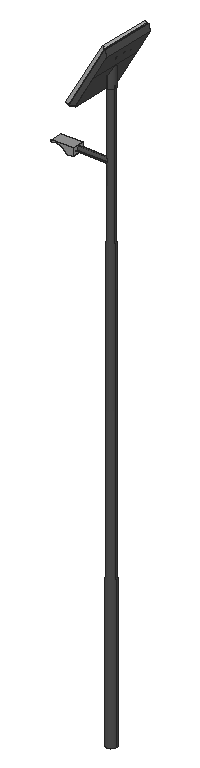
Revit family "Farola Solar Olintu L negra", category Luminarias, Revit 2021
Family settings
  Cota de conector redondo = Diámetro de uso
  Tipo de pieza = Normal
  Se basa en plano de trabajo = No
  Siempre vertical = Sí
  Corte con vacíos al cargar = No
  Origen de luz = No
  Compartido = Sí
  Punto de cálculo de habitación = No
Parameters
  URL producto = "https://ekiona.com/farolas-solares/serie-olintu/"
  URL = "https://www.ekiona.com/"
  Teléfono de contacto = "(+34) 943 30 80 51"
  Keynote = ""
  Modelo = "Modelo Olintu"
  Marcado CE = "SÍ"
  Gama de acabados = "Galvanizado, Fibra de vidrio, Aluminio"
  Garantía = "5 años"
  Gama de colores = "Blanco, Negro, Gris, Verde bosque, Acero galvanizado"
  Fabricante = "Ekiona"
  Elevación por defecto = 2000 mm
  E-mail de contacto = "info@ekiona.com"
  Distancia inserto-columa = Altura columna extremos - 150 mm  # 7850 mm
  Distancia brazo-final de columna = Altura columna extremos - 1000 mm  # 7000 mm
  Dirección = "Parque Tecnológico Miramón - Paseo Mikeletegi 56 - 20009 Donostia/San Sebastián"
  Descripción de la empresa = "Diseñamos, desarrollamos, fabricamos y comercializamos farolas solares que se adaptan a cualquier necesidad."
  Descripción = "Farola solar que combina diseño y eficencia"
  Clase eficiencia energética = "A++"
  Altura columna planos = Altura columna extremos  # 8000 mm
  Altura columna extremos = 8000 mm
Reference planes
  plane 1 "Center (Front/Back)": y = 0
  plane 2: z = 0
  plane 3 "Center (Left/Right)": x = 0
  plane 4: z = 8000
  plane 5: z = 7850
  plane 6: z = 7000
Dimensions and locks
  "Altura columna planos": level to plane 4
  "Altura columna extremos": nested 1 to plane 4
  "Distancia inserto-columa": level to plane 5
  "Distancia brazo-final de columna": level to plane 6
  aligned and locked: level to plane 2
  aligned and locked: plane 4 to nested 1
  aligned and locked: plane 5 to nested 2
  aligned and locked: plane 6 to nested 3
Nested families
  nested 1: "Columna Olintu L negra" at (0, 0, 0), type "Columna 8m"
  nested 2: "Tolva Olintu L negra" at (-30.017, 337.873, 6260.512), type "Tolva Olintu M"
  nested 3: "Luminaria Olintu L negra" at (0, 0, 6955), type "Luminaria 20W"
Definition of nested family "Columna Olintu L negra"
  Parameters (values of type "Columna 10m")
    Øsuperior = 88 mm
    Øinferior = 150 mm
    Material columna = none
    Default Elevation = 0 mm
    Altura columna [instance] = 10000 mm
  Types (3, lengths in mm): name | Øinferior | Altura columna
    Columna 9m | 145 | 9000
    Columna 8m | 140 | 8000
    Columna 10m | 150 | 10000
  Reference planes
    plane 1 "Center (Front/Back)": y = 0
    plane 2: z = 0
    plane 3 "Center (Left/Right)": x = 0
    plane 4: z = 10000
  Forms (mm)
    Blend 1, solid, material <- "Material columna"
      base sketch origin (0, 0, 0) x (1, 0, 0) y (0, 1, 0)
        loop
          circle (0, 0) r 75
      top sketch origin (0, 0, 0) x (1, 0, 0) y (0, 1, 0)
        loop
          circle (0, 0) r 44
      from 0 to 10000
  Dimensions and locks
    "Altura columna": plane 4 to level
    "Øinferior": diameter of Blend 1 sketch curve
    "Øsuperior": diameter of Blend 1 sketch curve
    aligned and locked: level to plane 2
    aligned and locked: plane 4 to Blend 1
  Automatic sketch dimensions
    plane 1 "Center (Front/Back)" to Blend 1 sketch curve = 0 mm  (x2)
    Blend 1 sketch curve to plane 3 "Center (Left/Right)" = 0 mm  (x2)
Definition of nested family "Tolva Olintu L negra"
  Parameters (values of type "Tolva Olintu M")
    Model = "Tolva Olintu"
    Material tapa = none
    Material inserto = none
    Material estructura base = none
    Material embellecedor = none
    Manufacturer = "Ekiona"
    Default Elevation = 0 mm
    Ancho panel = 545 mm
  Reference planes
    plane 1 "Center (Front/Back)": y = 0
    plane 2: z = 0
    plane 3 "Center (Left/Right)": x = 0
    plane 4 "Plano 1": through (314.197, -25, 2122.882) normal (-0.5, 0, 0.866)
    plane 5 "paralelo a vista izq": y = -337.5
    plane 6 "Plano 1": through (259.959, -25, 3493.187) normal (-0.5, 0, 0.866)
    plane 7: through (172.752, 0, 2142.023) normal (-0.866, 0, 0.5)
  Forms (mm)
    Extrusion 1, solid, material <- "Material estructura base"
      sketch origin (128.943, 0, 6.927) x (1, 0, 0) y (0, 0, 1)
        loop
          line (102.452, 2266.839) -> (-376.662, 1436.99) -> (-311.636, 1399.447) -> (167.478, 2229.297) -> (102.452, 2266.839)
      from 0 to 704.8
    Extrusion 2, void
      sketch origin (28.039, 0, -172.323) x (1, 0, 0) y (0, 0, 1)
        loop
          line (221.073, 2440.009) -> (236.391, 2353.137) -> (284.006, 2435.609) -> (221.073, 2440.009)
      from 0 to 704.8
    Extrusion 3, void
      sketch origin (59.33, 0, -118.226) x (1, 0, 0) y (0, 0, 1)
        loop
          line (-212.839, 1570.569) -> (-289.787, 1549.95) -> (-300.47, 1528.787) -> (-231.188, 1488.787) -> (-191.188, 1558.069) -> (-212.839, 1570.569)
      from 0 to 769.834
    Extrusion 4, solid, material <- "Material tapa"
      sketch origin (-59.014, 0, -318.454) x (1, 0, 0) y (0, 0, 1)
        loop
          line (290.483, 2592.177) -> (309.316, 2581.303) -> (323.733, 2499.539) -> (152.052, 2202.179) -> (153.752, 2201.197) -> (325.531, 2498.727) -> (310.698, 2582.853) -> (291.499, 2593.937) -> (290.483, 2592.177)
      from 0 to 704.8
    Extrusion 5, solid, material <- "Material embellecedor"
      sketch origin (128.918, 0, 7.059) x (1, 0, 0) y (0, 0, 1)
        loop
          line (-35.978, 1876.723) -> (-285.554, 1444.445) -> (-356.741, 1425.371) -> (-376.562, 1436.815) -> (-377.509, 1435.176) -> (-356.946, 1423.304) -> (-284.094, 1442.825) -> (-34.182, 1875.686) -> (-35.978, 1876.723)
      from 0 to 704.8
    Extrusion 6, void
      sketch origin (-959.244, -34.1, 22.516) x (0, 1, 0) y (0.5, 0, 0.866025)
        loop
          line (-463.861, 2321.81) -> (-416.148, 2321.81)
          arc (-416.148, 2321.81) -> (-419.48, 2339.286) -> (-430.409, 2353.323) r 37.954
          arc (-430.409, 2353.323) -> (-445.409, 2358.568) -> (-460.409, 2353.323) r 24.073
          arc (-460.409, 2353.323) -> (-471.433, 2339.075) -> (-474.645, 2321.349) r 37.954
          arc (-474.645, 2321.349) -> (-473.167, 2312.913) -> (-469.836, 2305.024) r 37.954
          arc (-469.836, 2305.024) -> (-441.562, 2289.96) -> (-416.017, 2309.293) r 29.744
          line (-416.017, 2309.293) -> (-423.962, 2312.74)
          arc (-423.962, 2312.74) -> (-442.617, 2300.75) -> (-461.255, 2312.766) r 20.484
          arc (-461.255, 2312.766) -> (-462.888, 2317.193) -> (-463.861, 2321.81) r 32.425
        loop
          line (-462.861, 2331.038) -> (-427.861, 2331.038)
          arc (-427.861, 2331.038) -> (-445.361, 2348.538) -> (-462.861, 2331.038) r 17.5
        loop
          line (-407.152, 2354.99) -> (-407.152, 2299.99)
          arc (-407.152, 2299.99) -> (-401.908, 2294.747) -> (-396.665, 2299.99) r 5.244
          line (-396.665, 2299.99) -> (-396.665, 2315.008) -> (-387.196, 2324.476) -> (-367.121, 2295.806)
          arc (-367.121, 2295.806) -> (-360.158, 2294.578) -> (-358.93, 2301.542) r 5
          line (-358.93, 2301.542) -> (-380.016, 2331.656) -> (-362.339, 2349.334)
          arc (-362.339, 2349.334) -> (-362.339, 2357.323) -> (-370.328, 2357.323) r 5.649
          line (-370.328, 2357.323) -> (-396.665, 2330.986) -> (-396.665, 2354.99)
          arc (-396.665, 2354.99) -> (-401.908, 2360.234) -> (-407.152, 2354.99) r 5.244
        loop
          line (-345.695, 2330.348) -> (-345.695, 2298.296)
          arc (-345.695, 2298.296) -> (-340.695, 2293.296) -> (-335.695, 2298.296) r 5
          line (-335.695, 2298.296) -> (-335.695, 2330.348)
          arc (-335.695, 2330.348) -> (-340.695, 2335.348) -> (-345.695, 2330.348) r 5
        loop
          arc (-313.958, 2351.943) -> (-322.635, 2348.932) -> (-329.497, 2355.038) r 9.076
          arc (-329.497, 2355.038) -> (-336.449, 2361.579) -> (-345.695, 2359.211) r 9.903
          arc (-345.695, 2359.211) -> (-348.682, 2355.086) -> (-349.922, 2350.147) r 13.45
          arc (-349.922, 2350.147) -> (-346.706, 2343.243) -> (-339.177, 2342.089) r 8.071
          arc (-339.177, 2342.089) -> (-335.695, 2342.685) -> (-332.214, 2342.089) r 10.463
          arc (-332.214, 2342.089) -> (-327.031, 2338.208) -> (-325.061, 2332.04) r 10.635
          arc (-325.061, 2332.04) -> (-262.525, 2310.202) -> (-313.958, 2351.943) r 33.621
        loop
          line (-250.357, 2353.481) -> (-250.357, 2298.481)
          arc (-250.357, 2298.481) -> (-243.625, 2291.749) -> (-236.893, 2298.481) r 6.732
          line (-236.893, 2298.481) -> (-236.893, 2343.466)
          arc (-236.893, 2343.466) -> (-229.971, 2349.019) -> (-221.459, 2351.529) r 22.933
          arc (-221.459, 2351.529) -> (-212.902, 2347.984) -> (-209.357, 2339.427) r 12.102
          line (-209.357, 2339.427) -> (-209.357, 2298.481)
          arc (-209.357, 2298.481) -> (-203.024, 2292.148) -> (-196.691, 2298.481) r 6.333
          line (-196.691, 2298.481) -> (-196.691, 2339.905)
          arc (-196.691, 2339.905) -> (-198.028, 2347.169) -> (-201.863, 2353.481) r 20.404
          arc (-201.863, 2353.481) -> (-219.569, 2360.932) -> (-237.793, 2354.854) r 27.258
          arc (-237.793, 2354.854) -> (-244.69, 2359.8) -> (-250.357, 2353.481) r 6.357
        loop
          arc (-184.719, 2344.597) -> (-181.441, 2338.502) -> (-174.681, 2339.98) r 5.745
          arc (-174.681, 2339.98) -> (-169.693, 2349.593) -> (-159.36, 2352.836) r 14.106
          arc (-159.36, 2352.836) -> (-151.076, 2350.212) -> (-144.661, 2344.349) r 20.193
          line (-144.661, 2344.349) -> (-144.661, 2338.186)
          arc (-144.661, 2338.186) -> (-158.183, 2333.475) -> (-172.248, 2330.794) r 97.575
          arc (-172.248, 2330.794) -> (-181.869, 2326.808) -> (-185.855, 2317.187) r 13.607
          arc (-185.855, 2317.187) -> (-186.09, 2312.502) -> (-186.044, 2307.811) r 78.299
          arc (-186.044, 2307.811) -> (-182.313, 2300.899) -> (-176.154, 2296.024) r 19.471
          arc (-176.154, 2296.024) -> (-166.154, 2293.649) -> (-156.154, 2296.024) r 22.235
          arc (-156.154, 2296.024) -> (-150.683, 2299.242) -> (-145.676, 2303.144) r 48.757
          line (-145.676, 2303.144) -> (-145.676, 2297.176)
          arc (-145.676, 2297.176) -> (-140.801, 2292.301) -> (-135.926, 2297.176) r 4.875
          line (-135.926, 2297.176) -> (-135.926, 2347.483)
          arc (-135.926, 2347.483) -> (-140.108, 2354.143) -> (-146.491, 2358.739) r 20.503
          arc (-146.491, 2358.739) -> (-158.534, 2361.376) -> (-170.577, 2358.739) r 28.822
          arc (-170.577, 2358.739) -> (-178.914, 2352.934) -> (-184.719, 2344.597) r 28.822
        loop
          arc (-144.661, 2330.676) -> (-156.177, 2325.488) -> (-168.693, 2323.785) r 44.019
          arc (-168.693, 2323.785) -> (-173.358, 2321.852) -> (-175.29, 2317.187) r 6.598
          arc (-175.29, 2317.187) -> (-175.527, 2313.145) -> (-175.29, 2309.103) r 34.669
          arc (-175.29, 2309.103) -> (-173.729, 2305.335) -> (-169.961, 2303.774) r 5.329
          arc (-169.961, 2303.774) -> (-163.465, 2302.436) -> (-156.969, 2303.774) r 16.436
          arc (-156.969, 2303.774) -> (-150.056, 2308.034) -> (-144.661, 2314.101) r 27.926
          line (-144.661, 2314.101) -> (-144.661, 2330.676)
      from -19.407 to 3
    Revolve 7, solid, material <- "Material inserto"
      sketch origin (29.873, 0, -136.266) x (0, 1, 0) y (0, 0, 1)
        loop
          line (-287.5, 2035.827) -> (-287.5, 1725.755) -> (-284.5, 1725.755) -> (-284.5, 2035.827) -> (-287.5, 2035.827)
        axis (-337.5, 2035.827) -> (-337.5, 1725.755)
      angle from 0 to 360
    Extrusion 8, solid, not visible
      sketch origin (124.705, 0, 1465.982) x (1, 0, 0) y (0, 0, 1)
        loop
          line (25.298, 2103.034) -> (-292.965, 1551.785) -> (-241.004, 1521.785) -> (77.26, 2073.034) -> (25.298, 2103.034)
      from 70.047 to 615.047
    Extrusion 9, void, not visible
      sketch origin (-63.196, 0, 1140.322) x (1, 0, 0) y (0, 0, 1)
        loop
          line (224.128, 2422.685) -> (236.948, 2349.979) -> (276.798, 2419.002) -> (224.128, 2422.685)
      from 0 to 675
    Extrusion 10, void, not visible
      sketch origin (124.705, 0, 1465.982) x (1, 0, 0) y (0, 0, 1)
        loop
          line (-212.839, 1570.569) -> (-289.787, 1549.95) -> (-300.47, 1528.787) -> (-231.188, 1488.787) -> (-191.188, 1558.069) -> (-212.839, 1570.569)
      from 0 to 675
    Extrusion 11, solid, not visible
      sketch origin (-63.252, 0, 1140.601) x (1, 0, 0) y (0, 0, 1)
        loop
          line (212.635, 2427.51) -> (224.709, 2420.539) -> (237.206, 2349.669) -> (152.052, 2202.179) -> (153.752, 2201.197) -> (239.192, 2349.183) -> (226.372, 2421.888) -> (213.635, 2429.242) -> (212.635, 2427.51)
      from 70.047 to 615.047
    Extrusion 12, solid, not visible
      sketch origin (124.679, 0, 1466.114) x (1, 0, 0) y (0, 0, 1)
        loop
          line (-35.879, 1876.666) -> (-212.705, 1570.395) -> (-289.813, 1549.734) -> (-293.065, 1551.612) -> (-294.068, 1549.876) -> (-290.068, 1547.567) -> (-211.46, 1568.63) -> (-34.182, 1875.686) -> (-35.879, 1876.666)
      from 70.047 to 615.047
    Extrusion 13, solid, not visible
      sketch origin (124.769, 0, 1465.921) x (1, 0, 0) y (0, 0, 1)
        loop
          line (-292.965, 1551.785) -> (25.035, 2102.578) -> (-5.276, 2120.078) -> (-323.276, 1569.285) -> (-292.965, 1551.785)
      from 70.047 to 615.047
    Extrusion 14, void, not visible
      sketch origin (-1013.482, -34.1, 1392.821) x (0, 1, 0) y (0.5, 0, 0.866025)
        loop
          line (-463.861, 2321.81) -> (-416.148, 2321.81)
          arc (-416.148, 2321.81) -> (-419.48, 2339.286) -> (-430.409, 2353.323) r 37.954
          arc (-430.409, 2353.323) -> (-445.409, 2358.568) -> (-460.409, 2353.323) r 24.073
          arc (-460.409, 2353.323) -> (-471.433, 2339.075) -> (-474.645, 2321.349) r 37.954
          arc (-474.645, 2321.349) -> (-473.167, 2312.913) -> (-469.836, 2305.024) r 37.954
          arc (-469.836, 2305.024) -> (-441.562, 2289.96) -> (-416.017, 2309.293) r 29.744
          line (-416.017, 2309.293) -> (-423.962, 2312.74)
          arc (-423.962, 2312.74) -> (-442.617, 2300.75) -> (-461.255, 2312.766) r 20.484
          arc (-461.255, 2312.766) -> (-462.888, 2317.193) -> (-463.861, 2321.81) r 32.425
        loop
          line (-462.861, 2331.038) -> (-427.861, 2331.038)
          arc (-427.861, 2331.038) -> (-445.361, 2348.538) -> (-462.861, 2331.038) r 17.5
        loop
          line (-407.152, 2354.99) -> (-407.152, 2299.99)
          arc (-407.152, 2299.99) -> (-401.908, 2294.747) -> (-396.665, 2299.99) r 5.244
          line (-396.665, 2299.99) -> (-396.665, 2315.008) -> (-387.196, 2324.476) -> (-367.121, 2295.806)
          arc (-367.121, 2295.806) -> (-360.158, 2294.578) -> (-358.93, 2301.542) r 5
          line (-358.93, 2301.542) -> (-380.016, 2331.656) -> (-362.339, 2349.334)
          arc (-362.339, 2349.334) -> (-362.339, 2357.323) -> (-370.328, 2357.323) r 5.649
          line (-370.328, 2357.323) -> (-396.665, 2330.986) -> (-396.665, 2354.99)
          arc (-396.665, 2354.99) -> (-401.908, 2360.234) -> (-407.152, 2354.99) r 5.244
        loop
          line (-345.695, 2330.348) -> (-345.695, 2298.296)
          arc (-345.695, 2298.296) -> (-340.695, 2293.296) -> (-335.695, 2298.296) r 5
          line (-335.695, 2298.296) -> (-335.695, 2330.348)
          arc (-335.695, 2330.348) -> (-340.695, 2335.348) -> (-345.695, 2330.348) r 5
        loop
          arc (-313.958, 2351.943) -> (-322.635, 2348.932) -> (-329.497, 2355.038) r 9.076
          arc (-329.497, 2355.038) -> (-336.449, 2361.579) -> (-345.695, 2359.211) r 9.903
          arc (-345.695, 2359.211) -> (-348.682, 2355.086) -> (-349.922, 2350.147) r 13.45
          arc (-349.922, 2350.147) -> (-346.706, 2343.243) -> (-339.177, 2342.089) r 8.071
          arc (-339.177, 2342.089) -> (-335.695, 2342.685) -> (-332.214, 2342.089) r 10.463
          arc (-332.214, 2342.089) -> (-327.031, 2338.208) -> (-325.061, 2332.04) r 10.635
          arc (-325.061, 2332.04) -> (-262.525, 2310.202) -> (-313.958, 2351.943) r 33.621
        loop
          line (-250.357, 2353.481) -> (-250.357, 2298.481)
          arc (-250.357, 2298.481) -> (-243.625, 2291.749) -> (-236.893, 2298.481) r 6.732
          line (-236.893, 2298.481) -> (-236.893, 2343.466)
          arc (-236.893, 2343.466) -> (-229.971, 2349.019) -> (-221.459, 2351.529) r 22.933
          arc (-221.459, 2351.529) -> (-212.902, 2347.984) -> (-209.357, 2339.427) r 12.102
          line (-209.357, 2339.427) -> (-209.357, 2298.481)
          arc (-209.357, 2298.481) -> (-203.024, 2292.148) -> (-196.691, 2298.481) r 6.333
          line (-196.691, 2298.481) -> (-196.691, 2339.905)
          arc (-196.691, 2339.905) -> (-198.028, 2347.169) -> (-201.863, 2353.481) r 20.404
          arc (-201.863, 2353.481) -> (-219.569, 2360.932) -> (-237.793, 2354.854) r 27.258
          arc (-237.793, 2354.854) -> (-244.69, 2359.8) -> (-250.357, 2353.481) r 6.357
        loop
          arc (-184.719, 2344.597) -> (-181.441, 2338.502) -> (-174.681, 2339.98) r 5.745
          arc (-174.681, 2339.98) -> (-169.693, 2349.593) -> (-159.36, 2352.836) r 14.106
          arc (-159.36, 2352.836) -> (-151.076, 2350.212) -> (-144.661, 2344.349) r 20.193
          line (-144.661, 2344.349) -> (-144.661, 2338.186)
          arc (-144.661, 2338.186) -> (-158.183, 2333.475) -> (-172.248, 2330.794) r 97.575
          arc (-172.248, 2330.794) -> (-181.869, 2326.808) -> (-185.855, 2317.187) r 13.607
          arc (-185.855, 2317.187) -> (-186.09, 2312.502) -> (-186.044, 2307.811) r 78.299
          arc (-186.044, 2307.811) -> (-182.313, 2300.899) -> (-176.154, 2296.024) r 19.471
          arc (-176.154, 2296.024) -> (-166.154, 2293.649) -> (-156.154, 2296.024) r 22.235
          arc (-156.154, 2296.024) -> (-150.683, 2299.242) -> (-145.676, 2303.144) r 48.757
          line (-145.676, 2303.144) -> (-145.676, 2297.176)
          arc (-145.676, 2297.176) -> (-140.801, 2292.301) -> (-135.926, 2297.176) r 4.875
          line (-135.926, 2297.176) -> (-135.926, 2347.483)
          arc (-135.926, 2347.483) -> (-140.108, 2354.143) -> (-146.491, 2358.739) r 20.503
          arc (-146.491, 2358.739) -> (-158.534, 2361.376) -> (-170.577, 2358.739) r 28.822
          arc (-170.577, 2358.739) -> (-178.914, 2352.934) -> (-184.719, 2344.597) r 28.822
        loop
          arc (-144.661, 2330.676) -> (-156.177, 2325.488) -> (-168.693, 2323.785) r 44.019
          arc (-168.693, 2323.785) -> (-173.358, 2321.852) -> (-175.29, 2317.187) r 6.598
          arc (-175.29, 2317.187) -> (-175.527, 2313.145) -> (-175.29, 2309.103) r 34.669
          arc (-175.29, 2309.103) -> (-173.729, 2305.335) -> (-169.961, 2303.774) r 5.329
          arc (-169.961, 2303.774) -> (-163.465, 2302.436) -> (-156.969, 2303.774) r 16.436
          arc (-156.969, 2303.774) -> (-150.056, 2308.034) -> (-144.661, 2314.101) r 27.926
          line (-144.661, 2314.101) -> (-144.661, 2330.676)
      from -19.407 to 3
    Revolve 15, solid, not visible
      sketch origin (0, 0, 1241.412) x (0, 1, 0) y (0, 0, 1)
        loop
          line (-287.5, 2035.827) -> (-287.5, 1725.755) -> (-284.5, 1725.755) -> (-284.5, 2035.827) -> (-287.5, 2035.827)
        axis (-337.5, 2035.827) -> (-337.5, 1725.755)
      angle from 0 to 360
    Extrusion 16, solid, not visible
      sketch origin (128.943, 0, 6.927) x (1, 0, 0) y (0, 0, 1)
        loop
          line (25.298, 2103.034) -> (-292.965, 1551.785) -> (-241.004, 1521.785) -> (77.26, 2073.034) -> (25.298, 2103.034)
      from 70.047 to 615.047
    Extrusion 17, solid, not visible
      sketch origin (-59.014, 0, -318.454) x (1, 0, 0) y (0, 0, 1)
        loop
          line (212.635, 2427.51) -> (224.709, 2420.539) -> (237.206, 2349.669) -> (152.052, 2202.179) -> (153.752, 2201.197) -> (239.192, 2349.183) -> (226.372, 2421.888) -> (213.635, 2429.242) -> (212.635, 2427.51)
      from 70.047 to 615.047
    Extrusion 18, solid, not visible
      sketch origin (128.918, 0, 7.059) x (1, 0, 0) y (0, 0, 1)
        loop
          line (-35.879, 1876.666) -> (-212.705, 1570.395) -> (-289.813, 1549.734) -> (-293.065, 1551.612) -> (-294.068, 1549.876) -> (-290.068, 1547.567) -> (-211.46, 1568.63) -> (-34.182, 1875.686) -> (-35.879, 1876.666)
      from 70.047 to 615.047
    Revolve 19, solid, not visible
      sketch origin (0, 0, -217.643) x (0, 1, 0) y (0, 0, 1)
        loop
          line (-287.5, 2035.827) -> (-287.5, 1725.755) -> (-284.5, 1725.755) -> (-284.5, 2035.827) -> (-287.5, 2035.827)
        axis (-337.5, 2035.827) -> (-337.5, 1725.755)
      angle from 0 to 360
    Extrusion 20, solid
      sketch origin (-12.917, 0, 7.457) x (1, 0, 0) y (0, 0, 1)
        loop
          line (245.402, 2268.026) -> (215.091, 2285.526) -> (-265.985, 1452.278) -> (-235.674, 1434.778) -> (245.402, 2268.026)
      from 0 to 704.8
  Cuts and joins
    Extrusion 2, Extrusion 3, Extrusion 6 cuts Extrusion 1
    Extrusion 6 cuts Extrusion 4
  Dimensions and locks
    cut or joined group of Extrusion 4, Extrusion 6 to cut or joined group of Extrusion 4, Extrusion 6 = 704.8 mm
    Extrusion 5 to Extrusion 5 = 704.8 mm
    cut or joined group of Extrusion 1, Extrusion 2, Extrusion 3, Extrusion 6 to cut or joined group of Extrusion 1, Extrusion 2, Extrusion 3, Extrusion 6 = 704.8 mm
    Revolve 7 sketch curve to Revolve 7 sketch curve = 50 mm
    Revolve 7 sketch curve to Revolve 7 sketch curve = 53 mm
    Revolve 19 sketch curve to Revolve 19 sketch curve = 50 mm
    Revolve 19 sketch curve to Revolve 19 sketch curve = 53 mm
    Extrusion 20 to Extrusion 4 = 2.033 mm
    aligned and locked: level to plane 2
    aligned and locked: Extrusion 4 to cut or joined group of Extrusion 1, Extrusion 2, Extrusion 3, Extrusion 6
Definition of nested family "Luminaria Olintu L negra"
  Parameters (values of type "Luminaria 80W")
    Tilt Angle = 70.00°
    built-in parameter 1010506 = 0.34907 (stored number, unit not read)
    built-in parameter 1010507 = 1.2217 (stored number, unit not read)
    Wattage = 80 W
    built-in parameter 1150107 = 3000 (stored number, unit not read)
    built-in parameter 1150110 = 1 (stored number, unit not read)
    built-in parameter 1150109 = 1 (stored number, unit not read)
    built-in parameter 1150112 = 1 (stored number, unit not read)
    built-in parameter 1150113 = 1 (stored number, unit not read)
    built-in parameter 1114218 = 1 (stored number, unit not read)
    built-in parameter 1150137 = (empty or 0)
    built-in parameter 1150132 = (empty or 0)
    Material luminaria = none
    Material brazo = none
    Material LED = none
    Light Source Symbol Length = 3048 mm
    built-in parameter 1150105 = 97231.6 (stored number, unit not read)
    built-in parameter 1150102 = (empty or 0)
    built-in parameter 1150106 = 972.32 (stored number, unit not read)
    Emit Shape Visible in Rendering = no
    Lumens = 13200 lm
    Color Filter = 16777215
    built-in parameter 1114217 = 0.7 (stored number, unit not read)
    built-in parameter 1150139 = (empty or 0)
    Default Elevation = 0 mm
    built-in parameter 1150104 = 15.329 (stored number, unit not read)
    Emit from Circle Diameter = 50 mm
    built-in parameter 1150115 = 1 (stored number, unit not read)
    built-in parameter 1150114 = 1 (stored number, unit not read)
    built-in parameter 1150138 = (empty or 0)
    built-in parameter 1150134 = (empty or 0)
    Dimming Lamp Color Temperature Shift = (empty or 0)
    built-in parameter 1150133 = 10 (stored number, unit not read)
  Types (7, lengths in mm): name | Wattage | built-in parameter 1150105 | built-in parameter 1150106 | Lumens
    Luminaria 30W | 30 W | 36461.8 (stored number, unit not read) | 364.62 (stored number, unit not read) | 4950 lm
    Luminaria 20W | 20 W | 24307.9 (stored number, unit not read) | 243.08 (stored number, unit not read) | 3300 lm
    Luminaria 40W | 40 W | 48615.8 (stored number, unit not read) | 486.16 (stored number, unit not read) | 6600 lm
    Luminaria 50W | 50 W | 60769.7 (stored number, unit not read) | 607.7 (stored number, unit not read) | 8250 lm
    Luminaria 60W | 60 W | 72923.7 (stored number, unit not read) | 729.24 (stored number, unit not read) | 9900 lm
    Luminaria 80W | 80 W | 97231.6 (stored number, unit not read) | 972.32 (stored number, unit not read) | 13200 lm
    Luminaria 100W | 100 W | 121539.5 (stored number, unit not read) | 1215.4 (stored number, unit not read) | 16500 lm
  Reference planes
    plane 1 "Center (Front/Back)": y = 0
    plane 2: z = 0
    plane 3 "Center (Left/Right)": x = 0
  Forms (mm)
    Revolve 1, solid, material <- "Material brazo"
      sketch origin (303.946, 1.989, 0) x (1, 0, 0) y (0, 1, 0)
        loop
          line (-759.81, 30) -> (-302.022, 30) -> (-302.022, 33.284) -> (-759.81, 33.284) -> (-759.81, 30)
        axis (-759.81, 0) -> (-302.022, 0)
      angle from 0 to 360
    Revolve 2, solid, material <- "Material LED"
      sketch origin (491.23, 0, 1.202) x (1, 0, 0) y (0, 0, 1)
        loop
          arc (-1192.369, 27.257) -> (-1185.047, 9.579) -> (-1167.369, 2.257) r 25
          line (-1167.369, 2.257) -> (-1167.369, 27.257) -> (-1192.369, 27.257)
        axis (-1167.369, 27.257) -> (-1167.369, 2.257)
      angle from 0 to 360
    Extrusion 3, solid, material <- "Material luminaria"
      sketch origin (90.557, 170, -3.536) x (1, 0, 0) y (0, 0, 1)
        loop
          arc (-530.557, 45) -> (-532.034, 47.059) -> (-534.093, 48.536) r 7.795
          line (-534.093, 48.536) -> (-819.093, 48.536)
          arc (-819.093, 48.536) -> (-830.585, 37.044) -> (-819.093, 25.552) r 11.492
          line (-819.093, 25.552) -> (-754.765, 25.552)
          arc (-754.765, 25.552) -> (-719.662, 20.455) -> (-685.221, 11.966) r 364.063
          arc (-685.221, 11.966) -> (-667.18, 1.896) -> (-655.103, -14.869) r 47.612
          arc (-655.103, -14.869) -> (-633.37, -40.263) -> (-603.441, -55.142) r 83.798
          arc (-603.441, -55.142) -> (-569.333, -56.37) -> (-535.764, -50.207) r 157.18
          arc (-535.764, -50.207) -> (-532.082, -48.682) -> (-530.557, -45) r 5.207
          line (-530.557, -45) -> (-530.557, 45)
      from 95.307 to 250
  Dimensions and locks
    aligned and locked: level to plane 2
